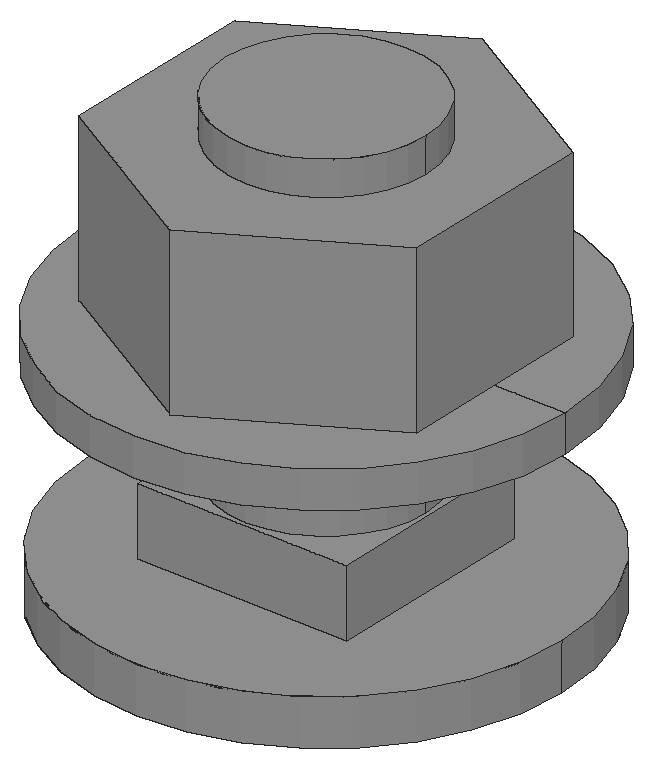
Revit family "Flachrundschraube mit Kombimutter", category Generic Models, Revit 2015
Parameters (values of type "FRSB 6x12 F")
  URL = "http://www.obo-bettermann.com"
  Material = Hot-dip galvanised
  Manufacturer Art.No. = "6406122"
  Manufacturer = "OBO Bettermann"
  Length 1 = 11 mm
  Length = 12 mm
  GTIN = "4012196199815"
  Article Type = "FRSB 6x12 F"
Types (15, lengths in mm): name | Material | Manufacturer Art.No. | Length 1 | Length | GTIN | Article Type
  (no name) | Hot-dip galvanised | "6406122" | 11 | 12 | "4012196199815" | "FRSB 6x12 F"
  FRSB 6x12 VZ G | Electrogalvanised | "6406133" | 11 | 12 | "4012195059561" | "FRSB 6x12 VZ G"
  FRSB 6x12 G | Electrogalvanised | "6406130" | 11 | 12 | "4012196563111" | "FRSB 6x12 G"
  FRSB 6x20 G | Electrogalvanised | "6406181" | 19 | 20 | "4012196616152" | "FRSB 6x20 G"
  FRSB 6x12 VZ F | Hot-dip galvanised | "6406125" | 11 | 12 | "4012195059585" | "FRSB 6x12 VZ F"
  FRSB 6x12 F | Hot-dip galvanised | "6406122" | 11 | 12 | "4012196199815" | "FRSB 6x12 F"
  FRSB 6x15 F | Hot-dip galvanised | "6406157" | 14 | 15 | "4012196199877" | "FRSB 6x15 F"
  FRSB 6x20 F | Hot-dip galvanised | "6406203" | 19 | 20 | "4012196199990" | "FRSB 6x20 F"
  FRSB 6x30 F | Hot-dip galvanised | "6406907" | 29 | 30 | "4012195045243" | "FRSB 6x30 F"
  FRSB 6x12 A2 | Stainless Steel, A2 | "6406138" | 11 | 12 | "4012196077595" | "FRSB 6x12 A2"
  FRSB 6x16 A2 | Stainless Steel, A2 | "6406189" | 15 | 16 | "4012196077717" | "FRSB 6x16 A2"
  FRSB 6x20 A2 | Stainless Steel, A2 | "6406205" | 19 | 20 | "4012195925248" | "FRSB 6x20 A2"
  FRSB 6x12 A4 | Stainless Steel, A4 | "6406142" | 11 | 12 | "4012196078370" | "FRSB 6x12 A4"
  FRSB 6x16 A4 | Stainless Steel, A4 | "6406193" | 15 | 16 | "4012196078431" | "FRSB 6x16 A4"
  FRSB 6x20 A4 | Stainless Steel, A4 | "6406207" | 19 | 20 | "4012195925255" | "FRSB 6x20 A4"
Reference planes
  plane 1 "Center (Front/Back)": y = 0
  plane 2: z = 0
  plane 3 "Center (Left/Right)": x = 0
  plane 4: z = 1.37
  plane 5: z = 3.37
  plane 6: z = 13.37
  plane 7: z = 12.37
  plane 8: z = 7.47
Forms (mm)
  Extrusion 1, solid, material "Hot-dip galvanised" <- "Material"
    sketch origin (0, 0, 0) x (1, 0, 0) y (0, 1, 0)
      loop
        circle (0, 0) r 7
    from 0 to 1.37
  Revolve 2, solid, material "Hot-dip galvanised" <- "Material"
    sketch origin (0, 0, 0) x (1, 0, 0) y (0, 0, 1)
      loop
        line (0, 0) -> (0, -2.1)
        arc (0, -2.1) -> (3.664, -1.596) -> (7, 0) r 12
        line (7, 0) -> (0, 0)
      axis (0, 0) -> (0, -2.1)
    angle from 0 to 360
  Extrusion 3, solid, material "Hot-dip galvanised" <- "Material"
    sketch origin (0, 0, 0) x (1, 0, 0) y (0, 1, 0)
      loop
        line (-3.1, 3.1) -> (-3.1, -3.1) -> (3.1, -3.1) -> (3.1, 3.1) -> (-3.1, 3.1)
    from 1.37 to 3.37
  Extrusion 4, solid, material "Hot-dip galvanised" <- "Material"
    sketch origin (0, 0, 0) x (1, 0, 0) y (0, 1, 0)
      loop
        circle (0, 0) r 2.97
    from 3.37 to 13.37
  Extrusion 5, solid, material "Hot-dip galvanised" <- "Material"
    sketch origin (0, 0, 0) x (1, 0, 0) y (0, 1, 0)
      loop
        circle (0, 0) r 2.97
      loop
        line (5, 2.887) -> (0, 5.774) -> (-5, 2.887) -> (-5, -2.887) -> (0, -5.774) -> (5, -2.887) -> (5, 2.887)
    from 7.47 to 12.37
  Revolve 6, solid, material "Hot-dip galvanised" <- "Material"
    sketch origin (0, 0, 0) x (1, 0, 0) y (0, 0, 1)
      loop
        line (3, 7.47) -> (3, 6.37) -> (7.1, 6.37) -> (7.1, 7.47) -> (3, 7.47)
      axis (0, 7.47) -> (0, 6.37)
    angle from 0 to 360
Dimensions and locks
  locked: plane 4 to level at 1.37
  locked: Extrusion 1 to Revolve 2 sketch curve at 2.1
  locked: Revolve 2 sketch curve to plane 3 "Center (Left/Right)" at 7
  locked: Extrusion 3 sketch curve to Extrusion 3 sketch curve at 6.2  (x2)
  locked: Extrusion 3 sketch curve to plane 3 "Center (Left/Right)" at 3.1
  locked: plane 1 "Center (Front/Back)" to Extrusion 3 sketch curve at 3.1
  locked: plane 5 to plane 4 at 2
  "Length": plane 6 to plane 4
  "Length 1": plane 7 to plane 4
  locked: plane 7 to plane 8 at 4.9
  locked: Revolve 6 sketch curve to Revolve 6 sketch curve at 1.1
  locked: Revolve 6 sketch curve to plane 3 "Center (Left/Right)" at 7.1
  locked: Revolve 6 sketch curve to plane 3 "Center (Left/Right)" at 3
  radius of Extrusion 1 sketch curve = 7 mm
  radius of Revolve 2 sketch curve = 12 mm
  radius of Extrusion 4 sketch curve = 2.97 mm
  aligned and locked: level to plane 2
  aligned and locked: Extrusion 1 to level
  aligned and locked: plane 4 to Extrusion 1
  aligned and locked: Revolve 2 sketch curve to plane 3 "Center (Left/Right)"
  aligned and locked: Extrusion 1 to Revolve 2 sketch curve
  aligned and locked: Revolve 2 sketch curve to Revolve 2 sketch curve
  aligned and locked: Extrusion 3 to Extrusion 1
  aligned and locked: plane 5 to Extrusion 3
  aligned and locked: Extrusion 4 to Extrusion 3
  aligned and locked: plane 6 to Extrusion 4
  aligned and locked: plane 7 to Extrusion 5
  aligned and locked: Extrusion 5 to plane 8
  aligned and locked: Extrusion 5 to Revolve 6 sketch curve  (x2)
  aligned and locked: Revolve 6 sketch curve to Revolve 6 sketch curve
  aligned and locked: Revolve 6 sketch curve to Extrusion 5
  aligned and locked: Revolve 6 sketch curve to Extrusion 3
Automatic sketch dimensions
  plane 1 "Center (Front/Back)" to Extrusion 1 sketch curve = 0 mm
  Extrusion 1 sketch curve to plane 3 "Center (Left/Right)" = 0 mm
  Revolve 2 sketch curve to level = 0 mm
  Revolve 2 sketch curve to Revolve 2 sketch curve = 12.187 mm
  plane 1 "Center (Front/Back)" to Extrusion 4 sketch curve = 0 mm
  Extrusion 4 sketch curve to plane 3 "Center (Left/Right)" = 0 mm
  plane 1 "Center (Front/Back)" to Extrusion 5 sketch curve = 0 mm
  Extrusion 5 sketch curve to plane 3 "Center (Left/Right)" = 0 mm
  radius of Extrusion 5 sketch curve = 2.97 mm
